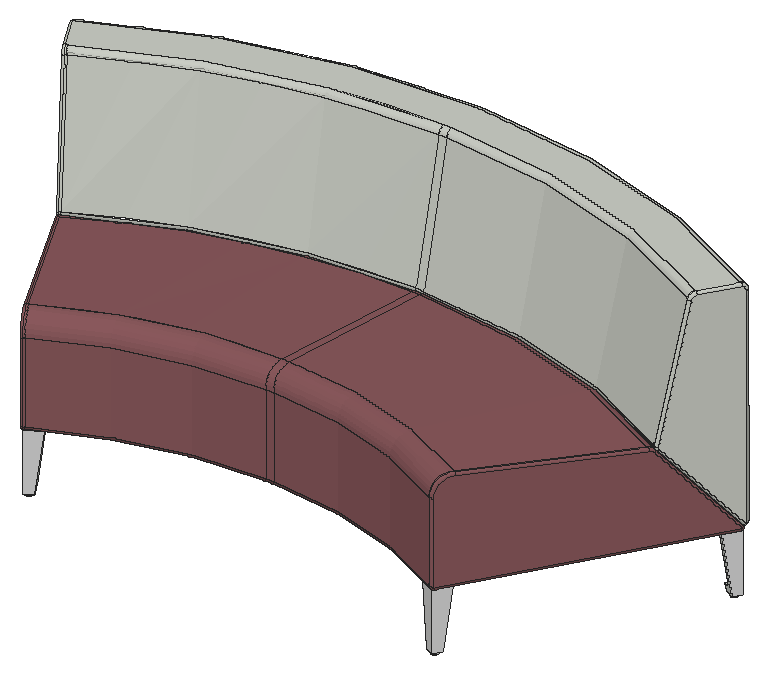
Revit family
Parameters
  URL = "www.coalesse.com"
  Type Comments = "451-7460FI"
  Seat Upholstery = Furniture_Circa_Upholstery (Seat)
  Model = "Circa"
  Manufacturer = "Coalesse"
  Leg Finish = Furniture_Circa_Leg Finish (Metal)
  Description = "60° Inward Facing Loveseat"
  Back Upholstery = Furniture_Circa_Upholstery (Back)
Reference planes (in)
  plane 1 "Center Front/Back": y = 0
  plane 2: z = 0
  plane 3 "Center Left/Right": x = 0
  plane 4: y = 14
  plane 5: y = -14
  plane 6 "B.O SEAT": z = 6.25
  plane 7: z = 29.5
  plane 8 "lang": through (-35.4672, 12.11987, 48) normal (0.866, 0.5, 0)
  plane 9 "rang": through (35.4672, 12.11987, 48) normal (0.866, -0.5, 0)
Forms (in)
  Sweep 1, solid, material "Furniture_Circa_Upholstery (Back)" <- "Back Upholstery"
    path origin (0, 0, 6.25) x (0, -1, 0) y (1, 0, 0)
      loop
        line (13.7523, -20.52981) -> (13.5434, -20.16798)
        arc (13.5434, -20.16798) -> (9.5973, -10.6413) -> (8.25135, -0.4179) r 39.5
        line (8.25135, -0.4179) -> (8.25135, 0.4179)
        arc (8.25135, 0.4179) -> (9.5973, 10.6413) -> (13.5434, 20.16798) r 39.5
        line (13.5434, 20.16798) -> (13.7523, 20.52981)
    profile origin (-20.3489, -13.64785, 6.25) x (-0.500002, 0.866024, 0) y (0, 0, 1)
      loop
        line (29.95882, 0.79418) -> (29.95882, 22.62176)
        arc (29.95882, 22.62176) -> (29.77576, 23.0637) -> (29.33382, 23.24676) r 0.625
        line (29.33382, 23.24676) -> (25.39498, 23.24676)
        arc (25.39498, 23.24676) -> (24.9256, 23.08173) -> (24.66279, 22.65925) r 0.75
        line (24.66279, 22.65925) -> (21.74922, 9.53083)
        arc (21.74922, 9.53083) -> (21.75336, 9.29696) -> (21.86343, 9.09056) r 0.5
        line (21.86343, 9.09056) -> (29.41262, 0.58671)
        arc (29.41262, 0.58671) -> (29.75728, 0.50204) -> (29.95882, 0.79418) r 0.3125
  Sweep 2, solid, material "Furniture_Circa_Upholstery (Seat)" <- "Seat Upholstery"
    path origin (0, 0, 6.25) x (0, -1, 0) y (1, 0, 0)
      loop
        line (13.7523, -20.52981) -> (13.5434, -20.16798)
        arc (13.5434, -20.16798) -> (9.5973, -10.6413) -> (8.25135, -0.4179) r 39.5
        line (8.25135, -0.4179) -> (8.25135, 0.4179)
        arc (8.25135, 0.4179) -> (9.5973, 10.6413) -> (13.5434, 20.16798) r 39.5
        line (13.5434, 20.16798) -> (13.7523, 20.52981)
    profile origin (-20.3489, -13.64785, 6.25) x (-0.500002, 0.866024, 0) y (0, 0, 1)
      loop
        arc (4.14269, 10.67995) -> (2.63717, 10.14884) -> (2, 8.68504) r 2
        line (2, 8.68504) -> (2, 0.3125)
        arc (2, 0.3125) -> (2.09153, 0.09153) -> (2.3125, 0) r 0.3125
        line (2.3125, 0) -> (29.23818, 0)
        arc (29.23818, 0) -> (29.52321, 0.18439) -> (29.47187, 0.51996) r 0.3125
        line (29.47187, 0.51996) -> (21.82863, 9.12977)
        arc (21.82863, 9.12977) -> (21.52303, 9.36278) -> (21.15213, 9.46334) r 1
        line (21.15213, 9.46334) -> (4.14269, 10.67995)
  Sweep 3, void
    path origin (-20.52981, -13.7523, 6.25) x (0.500002, -0.866024, 0) y (0, 0, 1)
      loop
        line (-4.14269, 10.67995) -> (-21.15213, 9.46334)
        arc (-21.15213, 9.46334) -> (-21.52303, 9.36278) -> (-21.82863, 9.12977) r 1
        line (-21.82863, 9.12977) -> (-29.47187, 0.51996)
        arc (-29.47187, 0.51996) -> (-29.52321, 0.18439) -> (-29.23818, 0) r 0.3125
        line (-29.23818, 0) -> (-2.3125, 0)
        arc (-2.3125, 0) -> (-2.09153, 0.09153) -> (-2, 0.3125) r 0.3125
        line (-2, 0.3125) -> (-2, 8.68504)
        arc (-2, 8.68504) -> (-2.63717, 10.14884) -> (-4.14269, 10.67995) r 2
    profile origin (-26.85354, -2.79934, 16.32164) x (0.035672, -0.061785, -0.997452) y (-0.866024, -0.500002, 0)
      loop
        arc (0.25, 0) -> (-0.17678, 0.17678) -> (0, -0.25) r 0.25
        arc (0, -0.25) -> (0.07322, -0.07322) -> (0.25, 0) r 0.25
  Sweep 4, void
    path origin (-20.52981, -13.7523, 6.25) x (0.500002, -0.866024, 0) y (0, 0, 1)
      loop
        line (-25.39498, 23.24676) -> (-29.33382, 23.24676)
        arc (-29.33382, 23.24676) -> (-29.77576, 23.0637) -> (-29.95882, 22.62176) r 0.625
        line (-29.95882, 22.62176) -> (-29.95882, 0.79418)
        arc (-29.95882, 0.79418) -> (-29.75728, 0.50204) -> (-29.41262, 0.58671) r 0.3125
        line (-29.41262, 0.58671) -> (-21.86343, 9.09056)
        arc (-21.86343, 9.09056) -> (-21.75336, 9.29696) -> (-21.74922, 9.53083) r 0.5
        line (-21.74922, 9.53083) -> (-24.66279, 22.65925)
        arc (-24.66279, 22.65925) -> (-24.9256, 23.08173) -> (-25.39498, 23.24676) r 0.75
    profile origin (-34.21207, 9.94593, 29.49676) x (0, 0, -1) y (-0.866024, -0.500002, 0)
      loop
        arc (0.25, 0) -> (-0.17678, 0.17678) -> (0, -0.25) r 0.25
        arc (0, -0.25) -> (0.07322, -0.07322) -> (0.25, 0) r 0.25
  Sweep 5, void
    path origin (20.52981, -13.7523, 6.25) x (-0.500002, -0.866024, 0) y (0, 0, -1)
      loop
        arc (-4.14269, -10.67995) -> (-2.63717, -10.14884) -> (-2, -8.68504) r 2
        line (-2, -8.68504) -> (-2, -0.3125)
        arc (-2, -0.3125) -> (-2.09153, -0.09153) -> (-2.3125, 0) r 0.3125
        line (-2.3125, 0) -> (-29.23818, 0)
        arc (-29.23818, 0) -> (-29.52321, -0.18439) -> (-29.47187, -0.51996) r 0.3125
        line (-29.47187, -0.51996) -> (-21.82863, -9.12977)
        arc (-21.82863, -9.12977) -> (-21.52303, -9.36278) -> (-21.15213, -9.46334) r 1
        line (-21.15213, -9.46334) -> (-4.14269, -10.67995)
    profile origin (26.85354, -2.79934, 16.32164) x (0.035672, 0.061785, 0.997452) y (0.866024, -0.500002, 0)
      loop
        arc (-0.25, 0) -> (-0.07322, -0.07322) -> (0, -0.25) r 0.25
        arc (0, -0.25) -> (0.17678, 0.17678) -> (-0.25, 0) r 0.25
  Sweep 6, void
    path origin (20.52981, -13.7523, 6.25) x (-0.500002, -0.866024, 0) y (0, 0, -1)
      loop
        arc (-25.39498, -23.24676) -> (-24.9256, -23.08173) -> (-24.66279, -22.65925) r 0.75
        line (-24.66279, -22.65925) -> (-21.74922, -9.53083)
        arc (-21.74922, -9.53083) -> (-21.75336, -9.29696) -> (-21.86343, -9.09056) r 0.5
        line (-21.86343, -9.09056) -> (-29.41262, -0.58671)
        arc (-29.41262, -0.58671) -> (-29.75728, -0.50204) -> (-29.95882, -0.79418) r 0.3125
        line (-29.95882, -0.79418) -> (-29.95882, -22.62176)
        arc (-29.95882, -22.62176) -> (-29.77576, -23.0637) -> (-29.33382, -23.24676) r 0.625
        line (-29.33382, -23.24676) -> (-25.39498, -23.24676)
    profile origin (34.21207, 9.94593, 29.49676) x (0, 0, 1) y (0.866024, -0.500002, 0)
      loop
        arc (-0.25, 0) -> (-0.07322, -0.07322) -> (0, -0.25) r 0.25
        arc (0, -0.25) -> (0.17678, 0.17678) -> (-0.25, 0) r 0.25
Cuts and joins
  Sweep 4, Sweep 6 cuts Sweep 1
  Sweep 3, Sweep 5 cuts Sweep 2
Lines and regions (in)
  symbolic lines
    curve 1: line (28.51321, 0.07528, 6.25) -> (28.0802, 0.32528, 6.25)
    curve 2: line (-28.51321, 0.07528, 6.25) -> (-28.0802, 0.32528, 6.25)
Dimensions and locks (in)
  plane 6 "B.O SEAT" to level = 0' - 6 1/4"
  plane 7 to level = 2' - 5 1/2"
Nested families (in)
  nested 1: "Circa_CornerLeg" at (-33.81735, 11.51211, 0) x (-0.866, -0.5, 0) z (0, 0, 1), type "Circa_CornerLeg"
  nested 2: "Circa_CornerLeg" at (-21.08515, -10.54059, 0) x (0.5, -0.866, 0) z (0, 0, 1), type "Circa_CornerLeg"
  nested 3: "Circa_CornerLeg" at (0, 19.87905, 0) x (-0.7071, 0.7071, 0) z (0, 0, 1), type "Circa_CornerLeg"
  nested 4: "Circa_CornerLeg" at (33.81735, 11.51211, 0) x (0.866, -0.5, 0) z (0, 0, 1), type "Circa_CornerLeg"
  nested 5: "Circa_CornerLeg" at (21.08515, -10.54059, 0) x (-0.5, -0.866, 0) z (0, 0, 1), type "Circa_CornerLeg"
Definition of nested family "Circa_CornerLeg"
  Parameters
    Leg Height = 0' - 6 1/4"
    Leg Finish = Furniture_Circa_Leg Finish (Metal)
  Reference planes (in)
    plane 1 "Center Front/Back": y = 0
    plane 2: z = 0
    plane 3 "Center Left/Right": x = 0
    plane 4: z = 6.25
    plane 5: z = 0.25
    plane 6: z = 1
    plane 7: y = 1.5
    plane 8: y = -1.5
    plane 9: z = 6
    plane 10 "padc": y = 0.4375
    plane 11: y = 0.9375
    plane 12: y = -0.9375
    plane 13: x = -0.9375
    plane 14: x = 0.9375
  Forms (in)
    Blend 1, solid, material "Furniture_Circa_Leg Finish (Metal)" <- "Leg Finish"
      base sketch origin (0, 0, 0) x (1, 0, 0) y (0, 1, 0)
        loop
          line (0.9375, 0.9375) -> (-0.0625, 0.9375) -> (-0.0625, 0.5625) -> (0.5625, 0.5625) -> (0.5625, -0.0625) -> (0.9375, -0.0625) -> (0.9375, 0.9375)
      top sketch origin (0, 0, 0) x (1, 0, 0) y (0, 1, 0)
        loop
          line (0.9375, 0.9375) -> (-0.9375, 0.9375) -> (-0.9375, 0.5625) -> (0.5625, 0.5625) -> (0.5625, -0.9375) -> (0.9375, -0.9375) -> (0.9375, 0.9375)
      from 0.25 to 6.25
    Blend 2, solid, material "Furniture_Circa_Leg Finish (Metal)" <- "Leg Finish"
      base sketch origin (0, 0, 0) x (1, 0, 0) y (0, 1, 0)
        loop
          line (0.9375, 0.9375) -> (-0.0625, 0.9375) -> (-0.0625, -0.0625) -> (0.9375, -0.0625) -> (0.9375, 0.9375)
      top sketch origin (0, 0, 0) x (1, 0, 0) y (0, 1, 0)
        loop
          line (0.9375, 0.9375) -> (-0.9375, 0.9375) -> (-0.9375, -0.9375) -> (0.9375, -0.9375) -> (0.9375, 0.9375)
      from 0.25 to 6.25
    Extrusion 3, void
      sketch origin (0, 0, 0) x (1, 0, 0) y (0, 0, 1)
        loop
          line (-1.73383, 6) -> (-1.73383, 1) -> (1.73383, 1) -> (1.73383, 6) -> (-1.73383, 6)
      from -1.5 to 1.5
    Revolve 4, solid, material "Furniture_Circa_Leg Finish (Metal)" <- "Leg Finish"
      sketch origin (0, 0.4375, 0) x (-1, 0, 0) y (0, 0, 1)
        loop
          line (-0.4375, 0) -> (-0.125, 0)
          arc (-0.125, 0) -> (-0.08081, 0.01831) -> (-0.0625, 0.0625) r 0.0625
          line (-0.0625, 0.0625) -> (-0.0625, 0.1875)
          arc (-0.0625, 0.1875) -> (-0.08081, 0.23169) -> (-0.125, 0.25) r 0.0625
          line (-0.125, 0.25) -> (-0.4375, 0.25) -> (-0.4375, 0)
        axis (-0.4375, 0) -> (-0.4375, 0.25)
      angle from 0 to 360
  Cuts and joins
    Extrusion 3 cuts Blend 2
    joined: Blend 1, Blend 2, Revolve 4
  Dimensions and locks (in)
    locked: plane 5 to level at 0.25
    "Leg Height": plane 4 to level
    locked: plane 6 to plane 5 at 0.75
    plane 8 to plane 1 "Center Front/Back" to plane 7 = 0' - 1 1/2" locked, 0' - 1 1/2" locked
    equal spacing: Extrusion 3 sketch curve, plane 3 "Center Left/Right", Extrusion 3 sketch curve
    locked: plane 4 to plane 9 at 0.25
    equal spacing: plane 12, plane 1 "Center Front/Back", plane 11
    equal spacing: plane 13, plane 3 "Center Left/Right", plane 14
    aligned and locked: Blend 1 to plane 4
    aligned and locked: plane 5 to Blend 1
    aligned and locked: Extrusion 3 sketch curve to plane 6
    aligned and locked: Extrusion 3 to plane 7
    aligned and locked: Extrusion 3 to plane 8
    aligned and locked: plane 9 to Extrusion 3
    aligned and locked: Blend 2 to plane 4
  Automatic sketch dimensions
    Blend 1 sketch curve to plane 3 "Center Left/Right" = 0' - 0 1/16"
    plane 10 "padc" to Blend 1 sketch curve = 0' - 0 1/8"  (x2)
    plane 3 "Center Left/Right" to Blend 1 sketch curve = 0' - 0 9/16"  (x2)
    plane 1 "Center Front/Back" to Blend 1 sketch curve = 0' - 0 1/16"
    Blend 1 sketch curve to Blend 1 sketch curve = 0' - 0 3/8"  (x2)
    plane 10 "padc" to Blend 1 sketch curve = 0' - 0 1/2"  (x2)
    Blend 1 sketch curve to plane 3 "Center Left/Right" = 0' - 0 15/16"
    Blend 1 sketch curve to plane 8 = 0' - 0 9/16"
    Blend 2 sketch curve to plane 3 "Center Left/Right" = 0' - 0 1/16"
    plane 3 "Center Left/Right" to Blend 2 sketch curve = 0' - 0 15/16"  (x2)
    plane 1 "Center Front/Back" to Blend 2 sketch curve = 0' - 0 1/16"
    plane 10 "padc" to Blend 2 sketch curve = 0' - 0 1/2"  (x2)
    Blend 2 sketch curve to plane 3 "Center Left/Right" = 0' - 0 15/16"
    Blend 2 sketch curve to plane 8 = 0' - 0 9/16"
    Extrusion 3 sketch curve to plane 9 = 0' - 0"
    Extrusion 3 sketch curve to plane 3 "Center Left/Right" = 0' - 1.73383"
    Revolve 4 sketch curve to level = 0' - 0"
    Revolve 4 sketch curve to plane 5 = 0' - 0"
    plane 3 "Center Left/Right" to Revolve 4 sketch curve = 0' - 0 7/16"  (x2)
    plane 3 "Center Left/Right" to Revolve 4 sketch curve = 0' - 0 1/8"
    Revolve 4 sketch curve to Revolve 4 sketch curve = 0' - 0"
    Revolve 4 sketch curve to Revolve 4 sketch curve = 0' - 0 1/16"
    Revolve 4 sketch curve to level = 0' - 0.46786"
    plane 6 to Revolve 4 sketch curve = 0' - 0.36009"
